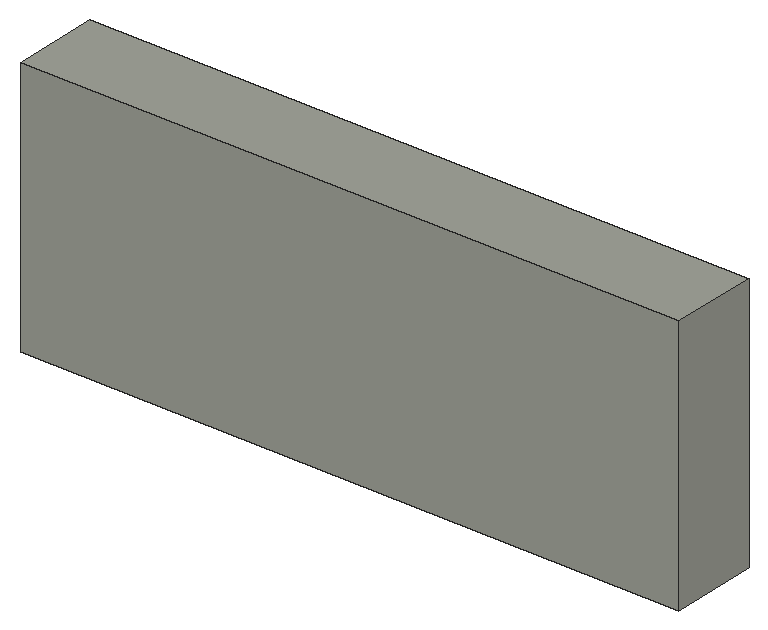
Revit family "Cinta_Con_Retang", category Structural Framing, Revit 2025
Family settings
  Structural Framing Length Roundoff = 0 mm
  Section Shape = Rectangle
  Material for Model Behavior = Other
  Always export as geometry = No
  OmniClass Number = 23.25.30.11.14.14
  OmniClass Title = Beams
  Always vertical = Yes
  Cut with Voids When Loaded = No
  Symbolic Representation = From Family
  Shared = No
  Show family pre-cut in plan views = Yes
Parameters (values of type "CIN_020x060_BLC_CON_RET")
  Structural Material [instance] = CT_Concreto
  Material_Cintas = CT_Concreto
  Assembly Code = ""
  Length [instance] = 1524 mm
  b = 200 mm
  h = 600 mm
Types (4, lengths in mm): name | Structural Material | Material_Cintas | b | h
  CIN_020x060_BLC_CON_RET | CT_Concreto | CT_Concreto | 200 | 600
  CIN_015x060_BLC_CON_RET | (empty or 0) | none | 150 | 600
  CIN_020x075_BLC_CON_RET | (empty or 0) | none | 200 | 750
  CIN_020x100_BLC_CON_RET | (empty or 0) | none | 200 | 1000
Reference planes
  plane 1 "Center (Front/Back)": y = 0
  plane 2: z = 0
  plane 3 "Center (Left/Right)": x = 26.61
  plane 4: y = 100
  plane 5: y = -100
  plane 6: z = 300
  plane 7 "Bottom": z = -300
  plane 8 "Left": x = -735.39
  plane 9 "Right": x = 788.61
Forms (mm)
  Extrusion 1, solid, material "CT_Concreto" <- "Material_Cintas"
    sketch origin (614.21, -100, 290) x (-1, 0, 0) y (0, 0, -1)
      loop
        line (-174.4, -10) -> (1349.6, -10) -> (1349.6, 590) -> (-174.4, 590) -> (-174.4, -10)
    from -200 to 0
Dimensions and locks
  "b": plane 4 to plane 5
  equal spacing: plane 7 "Bottom", plane 2, plane 6
  equal spacing: plane 4, plane 1 "Center (Front/Back)", plane 5
  "h": plane 7 "Bottom" to plane 6
  "Length": plane 8 "Left" to plane 9 "Right"
  plane 4 to plane 5 = 200 mm
  equal spacing: plane 8 "Left", plane 3 "Center (Left/Right)", plane 9 "Right"
  plane 1 "Center (Front/Back)" to Extrusion 1 = 100 mm
  aligned and locked: plane 8 "Left" to Extrusion 1
  aligned and locked: Extrusion 1 to plane 9 "Right"
  aligned and locked: plane 7 "Bottom" to Extrusion 1
  aligned and locked: plane 4 to Extrusion 1
  aligned and locked: Extrusion 1 to plane 5
Automatic sketch dimensions
  plane 7 "Bottom" to Extrusion 1 sketch curve = 0 mm
  plane 6 to Extrusion 1 sketch curve = 0 mm
  plane 9 "Right" to Extrusion 1 sketch curve = 0 mm
  Extrusion 1 sketch curve to plane 8 "Left" = 0 mm
